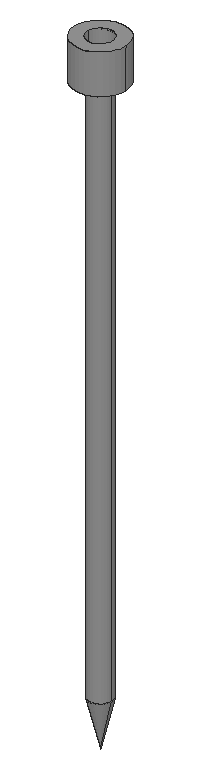
Revit family "ROTHOB_Rothoblaas_Screw_VGZEvo", category Collegamenti strutturali, host Superficie, Revit 2020
Family settings
  Host = Superficie
  Materiale per comportamento modello = Acciaio
  Numero OmniClass = 23.13.23.11.19.13
  Titolo OmniClass = Wood Connectors
  Attiva taglio nelle viste = Sì
  Taglio con vuoti quando caricato = No
  Condiviso = No
Parameters (values of type "05.3x100mm")
  WarrantyGuarantorParts = "n/a"  # constant formula
  WarrantyGuarantorLabor = "n/a"  # constant formula
  WarrantyDurationUnit = "n/a"  # constant formula
  WarrantyDurationParts = "n/a"  # constant formula
  WarrantyDurationLabor = "n/a"  # constant formula
  WarrantyDescription = "n/a"  # constant formula
  Version = "1"  # constant formula
  UniClass2015Version = "Products v1.30"  # constant formula
  UniClass2015Title = "Self-tapping screws"  # constant formula
  UniClass2015Code = "Pr_20_29_76_75"  # constant formula
  UnderheadDiameter = 0.9 * (HeadDiameter_dk)  # 7.20 mm
  UKCATitle = "n/a"  # constant formula
  UKCACode = "UKTA-0836 22/6195"  # constant formula
  Tipo IFC predefinito = "USERDEFINED"  # constant formula
  TipLength = 0.05 * (InsertionLength_L)  # 5.00 mm
  ThreadRadius = (ThreadDiameter_d2) / 2  # 1.80 mm
  ThreadLength_b = if(ModelNumberCode = 580, 70.00 mm, if(ModelNumberCode = 5100, 90.00 mm, if(ModelNumberCode = 5120, 110.00 mm, if(ModelNumberCode = 5140, 130.00 mm, if(ModelNumberCode = 5150, 140.00 mm, if(ModelNumberCode = 5160, 150.00 mm, if(ModelNumberCode = 780, 70.00 mm, if(ModelNumberCode = 7100, 90.00 mm, if(ModelNumberCode = 7120, 110.00 mm, if(ModelNumberCode = 7140, 130.00 mm, if(ModelNumberCode = 7160, 150.00 mm, if(ModelNumberCode = 7180, 170.00 mm, if(ModelNumberCode = 7200, 190.00 mm, if(ModelNumberCode = 7220, 210.00 mm, if(ModelNumberCode = 7240, 230.00 mm, if(ModelNumberCode = 7260, 250.00 mm, if(ModelNumberCode = 7280, 270.00 mm, if(ModelNumberCode = 7300, 290.00 mm, if(ModelNumberCode = 7340, 330.00 mm, if(ModelNumberCode = 7380, 370.00 mm, if(ModelNumberCode = 9160, 150.00 mm, if(ModelNumberCode = 9180, 170.00 mm, if(ModelNumberCode = 9200, 190.00 mm, if(ModelNumberCode = 9220, 210.00 mm, if(ModelNumberCode = 9240, 230.00 mm, if(ModelNumberCode = 9260, 250.00 mm, if(ModelNumberCode = 9280, 270.00 mm, if(ModelNumberCode = 9300, 290.00 mm, if(ModelNumberCode = 9320, 310.00 mm, if(ModelNumberCode = 9340, 330.00 mm, if(ModelNumberCode = 9360, 350.00 mm, if(ModelNumberCode = 9380, 370.00 mm, if(ModelNumberCode = 9400, 390.00 mm, if(ModelNumberCode = 9440, 430.00 mm, if(ModelNumberCode = 9480, 470.00 mm, if(ModelNumberCode = 9520, 510.00 mm, if(ModelNumberCode = 11250, 240.00 mm, if(ModelNumberCode = 11300, 290.00 mm, if(ModelNumberCode = 11350, 340.00 mm, if(ModelNumberCode = 11400, 390.00 mm, if(ModelNumberCode = 11450, 440.00 mm, if(ModelNumberCode = 11500, 490.00 mm, if(ModelNumberCode = 11550, 540.00 mm, if(ModelNumberCode = 11600, 590.00 mm, 0.00 mm))))))))))))))))))))))))))))))))))))))))))))  # 90.00 mm
  ThreadDiameter_d2 = if(NominalDiameter_d1 = 5.30 mm, 3.60 mm, if(NominalDiameter_d1 = 5.60 mm, 3.80 mm, if(NominalDiameter_d1 = 7.00 mm, 4.60 mm, if(NominalDiameter_d1 = 9.00 mm, 5.90 mm, if(NominalDiameter_d1 = 11.00 mm, 6.60 mm, 0.00 mm)))))  # 3.60 mm
  SustainabilityPerformance = "n/a"  # constant formula
  Size = "5.3x100 mm"
  Shape = "Cylindrical"  # constant formula
  ObjectMaterial = ROTHOB_Rothoblaas_CarbonSteel_C4EvoCoating
  HeadThickness = 7.20 mm  # constant formula
  Revision = "n/a"  # constant formula
  ReplacementCost = "n/a"  # constant formula
  Prospetto di default = 1219.20 mm
  ProductInformation = "https://www.rothoblaas.com/products/fastening/screws/screws-structures/vgz-evo"  # constant formula
  OmniClassVersion = "2012-05-16"  # constant formula
  OmniClassTitle = "Wood Connectors"  # constant formula
  OmniClassCode = "23-13 23 11 19 13"  # constant formula
  NominalWidth = "n/a"  # constant formula
  NominalLength = InsertionLength_L  # 100.00 mm
  NominalHeight = "n/a"  # constant formula
  NominalDiameter = NominalDiameter_d1  # 5.30 mm
  NominalDiameter_d1 = if(ModelNumberCode = 580, 5.30 mm, if(ModelNumberCode = 5100, 5.30 mm, if(ModelNumberCode = 5120, 5.30 mm, if(ModelNumberCode = 5140, 5.60 mm, if(ModelNumberCode = 5150, 5.60 mm, if(ModelNumberCode = 5160, 5.60 mm, if(ModelNumberCode = 780, 7.00 mm, if(ModelNumberCode = 7100, 7.00 mm, if(ModelNumberCode = 7120, 7.00 mm, if(ModelNumberCode = 7140, 7.00 mm, if(ModelNumberCode = 7160, 7.00 mm, if(ModelNumberCode = 7180, 7.00 mm, if(ModelNumberCode = 7200, 7.00 mm, if(ModelNumberCode = 7220, 7.00 mm, if(ModelNumberCode = 7240, 7.00 mm, if(ModelNumberCode = 7260, 7.00 mm, if(ModelNumberCode = 7280, 7.00 mm, if(ModelNumberCode = 7300, 7.00 mm, if(ModelNumberCode = 7340, 7.00 mm, if(ModelNumberCode = 7380, 7.00 mm, if(ModelNumberCode = 9160, 9.00 mm, if(ModelNumberCode = 9180, 9.00 mm, if(ModelNumberCode = 9200, 9.00 mm, if(ModelNumberCode = 9220, 9.00 mm, if(ModelNumberCode = 9240, 9.00 mm, if(ModelNumberCode = 9260, 9.00 mm, if(ModelNumberCode = 9280, 9.00 mm, if(ModelNumberCode = 9300, 9.00 mm, if(ModelNumberCode = 9320, 9.00 mm, if(ModelNumberCode = 9340, 9.00 mm, if(ModelNumberCode = 9360, 9.00 mm, if(ModelNumberCode = 9380, 9.00 mm, if(ModelNumberCode = 9400, 9.00 mm, if(ModelNumberCode = 9440, 9.00 mm, if(ModelNumberCode = 9480, 9.00 mm, if(ModelNumberCode = 9520, 9.00 mm, if(ModelNumberCode = 11250, 11.00 mm, if(ModelNumberCode = 11300, 11.00 mm, if(ModelNumberCode = 11350, 11.00 mm, if(ModelNumberCode = 11400, 11.00 mm, if(ModelNumberCode = 11450, 11.00 mm, if(ModelNumberCode = 11500, 11.00 mm, if(ModelNumberCode = 11550, 11.00 mm, if(ModelNumberCode = 11600, 11.00 mm, 0.00 mm))))))))))))))))))))))))))))))))))))))))))))  # 5.30 mm
  Name = "Screw"  # constant formula
  ModelReference = "n/a"  # constant formula
  ModelNumberCode = 5100
  ModelNumber = "VGZEVO5100"
  ModelDisclaimer = "The latest version of the data sheets can be found on our website"  # constant formula
  MinWeight = "0.008 kg"
  Material = "Carbon steel"  # constant formula
  ManufacturerURL = "www.rothoblaas.com"  # constant formula
  ManufacturerName = "ROTHO BLAAS SRL"  # constant formula
  Manufacturer = "info@rothoblaas.com"  # constant formula
  InsertionLength_L = if(ModelNumberCode = 580, 80.00 mm, if(ModelNumberCode = 5100, 100.00 mm, if(ModelNumberCode = 5120, 120.00 mm, if(ModelNumberCode = 5140, 140.00 mm, if(ModelNumberCode = 5150, 150.00 mm, if(ModelNumberCode = 5160, 160.00 mm, if(ModelNumberCode = 780, 80.00 mm, if(ModelNumberCode = 7100, 100.00 mm, if(ModelNumberCode = 7120, 120.00 mm, if(ModelNumberCode = 7140, 140.00 mm, if(ModelNumberCode = 7160, 160.00 mm, if(ModelNumberCode = 7180, 180.00 mm, if(ModelNumberCode = 7200, 200.00 mm, if(ModelNumberCode = 7220, 220.00 mm, if(ModelNumberCode = 7240, 240.00 mm, if(ModelNumberCode = 7260, 260.00 mm, if(ModelNumberCode = 7280, 280.00 mm, if(ModelNumberCode = 7300, 300.00 mm, if(ModelNumberCode = 7340, 340.00 mm, if(ModelNumberCode = 7380, 380.00 mm, if(ModelNumberCode = 9160, 160.00 mm, if(ModelNumberCode = 9180, 180.00 mm, if(ModelNumberCode = 9200, 200.00 mm, if(ModelNumberCode = 9220, 220.00 mm, if(ModelNumberCode = 9240, 240.00 mm, if(ModelNumberCode = 9260, 260.00 mm, if(ModelNumberCode = 9280, 280.00 mm, if(ModelNumberCode = 9300, 300.00 mm, if(ModelNumberCode = 9320, 320.00 mm, if(ModelNumberCode = 9340, 340.00 mm, if(ModelNumberCode = 9360, 360.00 mm, if(ModelNumberCode = 9380, 380.00 mm, if(ModelNumberCode = 9400, 400.00 mm, if(ModelNumberCode = 9440, 440.00 mm, if(ModelNumberCode = 9480, 480.00 mm, if(ModelNumberCode = 9520, 520.00 mm, if(ModelNumberCode = 11250, 250.00 mm, if(ModelNumberCode = 11300, 300.00 mm, if(ModelNumberCode = 11350, 350.00 mm, if(ModelNumberCode = 11400, 400.00 mm, if(ModelNumberCode = 11450, 450.00 mm, if(ModelNumberCode = 11500, 500.00 mm, if(ModelNumberCode = 11550, 550.00 mm, if(ModelNumberCode = 11600, 600.00 mm, 0.00 mm))))))))))))))))))))))))))))))))))))))))))))  # 100.00 mm
  IfcExportType = "USERDEFINED"  # constant formula
  IfcExportAs = "IfcMechanicalFastenerType"  # constant formula
  ICC-ESTitle = "n/a"  # constant formula
  ICC-ESCode = "AC233 | AC257 ESR-4645"  # constant formula
  InnerHeadDiameter = 0.5 * (HeadDiameter_dk)  # 4.00 mm
  HeadDiameter_dk = if(NominalDiameter_d1 = 5.30 mm, 8.00 mm, if(NominalDiameter_d1 = 5.60 mm, 8.00 mm, if(NominalDiameter_d1 = 7.00 mm, 9.50 mm, if(NominalDiameter_d1 = 9.00 mm, 11.50 mm, if(NominalDiameter_d1 = 11.00 mm, 13.50 mm, 0.00 mm)))))  # 8.00 mm
  Grade = "n/a"  # constant formula
  Finish = "C4 EVO coating"  # constant formula
  Features = "Self-tapping screws for timber constructions"  # constant formula
  ExpectedLife = "50"  # constant formula
  Esporta tipo in formato IFC con nome = "IfcMechanicalFastenerType"  # constant formula
  DurationUnit = "Years"  # constant formula
  Description = "Fully threaded screw with cylindrical head"  # constant formula
  Constituents = "n/a"  # constant formula
  Color = "Silver"  # constant formula
  CodePerformance = "CE - Construction products"  # constant formula
  Category = "Pr_20_29_76_75: Self-tapping screws"  # constant formula
  CETitle = "n/a"  # constant formula
  CECode = "ETA-11/0030"  # constant formula
  BitType = if(NominalDiameter_d1 = 5.30 mm, 25, if(NominalDiameter_d1 = 5.60 mm, 25, if(NominalDiameter_d1 = 7.00 mm, 30, if(NominalDiameter_d1 = 9.00 mm, 40, if(NominalDiameter_d1 = 11.00 mm, 50, 0)))))  # 25
  Author = "ROTHO BLAAS SRL"  # constant formula
  AssetType = "n/a"  # constant formula
  AccessibilityPerformance = "n/a"  # constant formula
Types (45, lengths in mm): name | UnderheadDiameter | TipLength | ThreadRadius | ThreadLength_b | ThreadDiameter_d2 | Size | NominalLength | NominalDiameter | NominalDiameter_d1 | ModelNumberCode | ModelNumber | MinWeight | InsertionLength_L | InnerHeadDiameter | HeadDiameter_dk | BitType
  (no name) | 7.20 | 5.00 | 1.80 | 90.00 | 3.60 | "5.3x100 mm" | 100.00 | 5.30 | 5.30 | 5100 | "VGZEVO5100" | "0.008 kg" | 100.00 | 4.00 | 8.00 | 25
  05.3x080mm | 7.20 | 4.00 | 1.80 | 70.00 | 3.60 | "5.3x80 mm" | 80.00 | 5.30 | 5.30 | 580 | "VGZEVO580" | "0.01 kg" | 80.00 | 4.00 | 8.00 | 25
  05.3x100mm | 7.20 | 5.00 | 1.80 | 90.00 | 3.60 | "5.3x100 mm" | 100.00 | 5.30 | 5.30 | 5100 | "VGZEVO5100" | "0.008 kg" | 100.00 | 4.00 | 8.00 | 25
  05.3x120mm | 7.20 | 6.00 | 1.80 | 110.00 | 3.60 | "5.3x120 mm" | 120.00 | 5.30 | 5.30 | 5120 | "VGZEVO5120" | "0.010 kg" | 120.00 | 4.00 | 8.00 | 25
  05.6x140mm | 7.20 | 7.00 | 1.90 | 130.00 | 3.80 | "5.6x140 mm" | 140.00 | 5.60 | 5.60 | 5140 | "VGZEVO5140" | "0.016 kg" | 140.00 | 4.00 | 8.00 | 25
  05.6x150mm | 7.20 | 7.50 | 1.90 | 140.00 | 3.80 | "5.6x150 mm" | 150.00 | 5.60 | 5.60 | 5150 | "VGZEVO5150" | "0.018 kg" | 150.00 | 4.00 | 8.00 | 25
  05.6x160mm | 7.20 | 8.00 | 1.90 | 150.00 | 3.80 | "5.6x160 mm" | 160.00 | 5.60 | 5.60 | 5160 | "VGZEVO5160" | "0.018 kg" | 160.00 | 4.00 | 8.00 | 25
  07x080mm | 8.55 | 4.00 | 2.30 | 70.00 | 4.60 | "7x80 mm" | 80.00 | 7.00 | 7.00 | 780 | "VGZEVO780" | "0.015 kg" | 80.00 | 4.75 | 9.50 | 30
  07x100mm | 8.55 | 5.00 | 2.30 | 90.00 | 4.60 | "7x100 mm" | 100.00 | 7.00 | 7.00 | 7100 | "VGZEVO7100" | "0.019 kg" | 100.00 | 4.75 | 9.50 | 30
  07x120mm | 8.55 | 6.00 | 2.30 | 110.00 | 4.60 | "7x120 mm" | 120.00 | 7.00 | 7.00 | 7120 | "VGZEVO7120" | "0.016 kg" | 120.00 | 4.75 | 9.50 | 30
  07x140mm | 8.55 | 7.00 | 2.30 | 130.00 | 4.60 | "7x140 mm" | 140.00 | 7.00 | 7.00 | 7140 | "VGZEVO7140" | "0.022 kg" | 140.00 | 4.75 | 9.50 | 30
  07x160mm | 8.55 | 8.00 | 2.30 | 150.00 | 4.60 | "7x160 mm" | 160.00 | 7.00 | 7.00 | 7160 | "VGZEVO7160" | "0.023 kg" | 160.00 | 4.75 | 9.50 | 30
  07x180mm | 8.55 | 9.00 | 2.30 | 170.00 | 4.60 | "7x180 mm" | 180.00 | 7.00 | 7.00 | 7180 | "VGZEVO7180" | "0.028 kg" | 180.00 | 4.75 | 9.50 | 30
  07x200mm | 8.55 | 10.00 | 2.30 | 190.00 | 4.60 | "7x200 mm" | 200.00 | 7.00 | 7.00 | 7200 | "VGZEVO7200" | "0.031 kg" | 200.00 | 4.75 | 9.50 | 30
  07x220mm | 8.55 | 11.00 | 2.30 | 210.00 | 4.60 | "7x220 mm" | 220.00 | 7.00 | 7.00 | 7220 | "VGZEVO7220" | "0.035 kg" | 220.00 | 4.75 | 9.50 | 30
  07x240mm | 8.55 | 12.00 | 2.30 | 230.00 | 4.60 | "7x240 mm" | 240.00 | 7.00 | 7.00 | 7240 | "VGZEVO7240" | "0.036 kg" | 240.00 | 4.75 | 9.50 | 30
  07x260mm | 8.55 | 13.00 | 2.30 | 250.00 | 4.60 | "7x260 mm" | 260.00 | 7.00 | 7.00 | 7260 | "VGZEVO7260" | "0.035 kg" | 260.00 | 4.75 | 9.50 | 30
  07x280mm | 8.55 | 14.00 | 2.30 | 270.00 | 4.60 | "7x280 mm" | 280.00 | 7.00 | 7.00 | 7280 | "VGZEVO7280" | "0.041 kg" | 280.00 | 4.75 | 9.50 | 30
  07x300mm | 8.55 | 15.00 | 2.30 | 290.00 | 4.60 | "7x300 mm" | 300.00 | 7.00 | 7.00 | 7300 | "VGZEVO7300" | "0.046 kg" | 300.00 | 4.75 | 9.50 | 30
  07x340mm | 8.55 | 17.00 | 2.30 | 330.00 | 4.60 | "7x340 mm" | 340.00 | 7.00 | 7.00 | 7340 | "VGZEVO7340" | "0.098 kg" | 340.00 | 4.75 | 9.50 | 30
  07x380mm | 8.55 | 19.00 | 2.30 | 370.00 | 4.60 | "7x380 mm" | 380.00 | 7.00 | 7.00 | 7380 | "VGZEVO7380" | "0.046 kg" | 380.00 | 4.75 | 9.50 | 30
  09x160mm | 10.35 | 8.00 | 2.95 | 150.00 | 5.90 | "9x160 mm" | 160.00 | 9.00 | 9.00 | 9160 | "VGZEVO9160" | "0.045 kg" | 160.00 | 5.75 | 11.50 | 40
  09x180mm | 10.35 | 9.00 | 2.95 | 170.00 | 5.90 | "9x180 mm" | 180.00 | 9.00 | 9.00 | 9180 | "VGZEVO9180" | "0.05 kg" | 180.00 | 5.75 | 11.50 | 40
  09x200mm | 10.35 | 10.00 | 2.95 | 190.00 | 5.90 | "9x200 mm" | 200.00 | 9.00 | 9.00 | 9200 | "VGZEVO9200" | "0.051 kg" | 200.00 | 5.75 | 11.50 | 40
  09x220mm | 10.35 | 11.00 | 2.95 | 210.00 | 5.90 | "9x220 mm" | 220.00 | 9.00 | 9.00 | 9220 | "VGZEVO9220" | "0.060 kg" | 220.00 | 5.75 | 11.50 | 40
  09x240mm | 10.35 | 12.00 | 2.95 | 230.00 | 5.90 | "9x240 mm" | 240.00 | 9.00 | 9.00 | 9240 | "VGZEVO9240" | "0.061 kg" | 240.00 | 5.75 | 11.50 | 40
  09x260mm | 10.35 | 13.00 | 2.95 | 250.00 | 5.90 | "9x260 mm" | 260.00 | 9.00 | 9.00 | 9260 | "VGZEVO9260" | "0.069 kg" | 260.00 | 5.75 | 11.50 | 40
  09x280mm | 10.35 | 14.00 | 2.95 | 270.00 | 5.90 | "9x280 mm" | 280.00 | 9.00 | 9.00 | 9280 | "VGZEVO9280" | "0.072 kg" | 280.00 | 5.75 | 11.50 | 40
  09x300mm | 10.35 | 15.00 | 2.95 | 290.00 | 5.90 | "9x300 mm" | 300.00 | 9.00 | 9.00 | 9300 | "VGZEVO9300" | "0.073 kg" | 300.00 | 5.75 | 11.50 | 40
  09x320mm | 10.35 | 16.00 | 2.95 | 310.00 | 5.90 | "9x320 mm" | 320.00 | 9.00 | 9.00 | 9320 | "VGZEVO9320" | "0.082 kg" | 320.00 | 5.75 | 11.50 | 40
  09x340mm | 10.35 | 17.00 | 2.95 | 330.00 | 5.90 | "9x340 mm" | 340.00 | 9.00 | 9.00 | 9340 | "VGZEVO9340" | "0.098 kg" | 340.00 | 5.75 | 11.50 | 40
  09x360mm | 10.35 | 18.00 | 2.95 | 350.00 | 5.90 | "9x360 mm" | 360.00 | 9.00 | 9.00 | 9360 | "VGZEVO9360" | "0.090 kg" | 360.00 | 5.75 | 11.50 | 40
  09x380mm | 10.35 | 19.00 | 2.95 | 370.00 | 5.90 | "9x380 mm" | 380.00 | 9.00 | 9.00 | 9380 | "VGZEVO9380" | "0.095 kg" | 380.00 | 5.75 | 11.50 | 40
  09x400mm | 10.35 | 20.00 | 2.95 | 390.00 | 5.90 | "9x400 mm" | 400.00 | 9.00 | 9.00 | 9400 | "VGZEVO9400" | "0.107 kg" | 400.00 | 5.75 | 11.50 | 40
  09x440mm | 10.35 | 22.00 | 2.95 | 430.00 | 5.90 | "9x440 mm" | 440.00 | 9.00 | 9.00 | 9440 | "VGZEVO9440" | "0.119 kg" | 440.00 | 5.75 | 11.50 | 40
  09x480mm | 10.35 | 24.00 | 2.95 | 470.00 | 5.90 | "9x480 mm" | 480.00 | 9.00 | 9.00 | 9480 | "VGZEVO9480" | "0.128 kg" | 480.00 | 5.75 | 11.50 | 40
  09x520mm | 10.35 | 26.00 | 2.95 | 510.00 | 5.90 | "9x520 mm" | 520.00 | 9.00 | 9.00 | 9520 | "VGZEVO9520" | "0.142 kg" | 520.00 | 5.75 | 11.50 | 40
  11x250mm | 12.15 | 12.50 | 3.30 | 240.00 | 6.60 | "11x250 mm" | 250.00 | 11.00 | 11.00 | 11250 | "VGZEVO11250" | "0.089 kg" | 250.00 | 6.75 | 13.50 | 50
  11x300mm | 12.15 | 15.00 | 3.30 | 290.00 | 6.60 | "11x300 mm" | 300.00 | 11.00 | 11.00 | 11300 | "VGZEVO11300" | "0.107 kg" | 300.00 | 6.75 | 13.50 | 50
  11x350mm | 12.15 | 17.50 | 3.30 | 340.00 | 6.60 | "11x350 mm" | 350.00 | 11.00 | 11.00 | 11350 | "VGZEVO11350" | "0.124 kg" | 350.00 | 6.75 | 13.50 | 50
  11x400mm | 12.15 | 20.00 | 3.30 | 390.00 | 6.60 | "11x400 mm" | 400.00 | 11.00 | 11.00 | 11400 | "VGZEVO11400" | "0.142 kg" | 400.00 | 6.75 | 13.50 | 50
  11x450mm | 12.15 | 22.50 | 3.30 | 440.00 | 6.60 | "11x450 mm" | 450.00 | 11.00 | 11.00 | 11450 | "VGZEVO11450" | "0.098 kg" | 450.00 | 6.75 | 13.50 | 50
  11x500mm | 12.15 | 25.00 | 3.30 | 490.00 | 6.60 | "11x500 mm" | 500.00 | 11.00 | 11.00 | 11500 | "VGZEVO11500" | "0.179 kg" | 500.00 | 6.75 | 13.50 | 50
  11x550mm | 12.15 | 27.50 | 3.30 | 540.00 | 6.60 | "11x550 mm" | 550.00 | 11.00 | 11.00 | 11550 | "VGZEVO11550" | "0.196 kg" | 550.00 | 6.75 | 13.50 | 50
  11x600mm | 12.15 | 30.00 | 3.30 | 590.00 | 6.60 | "11x600 mm" | 600.00 | 11.00 | 11.00 | 11600 | "VGZEVO11600" | "0.212 kg" | 600.00 | 6.75 | 13.50 | 50
Reference planes
  plane 1 "Centro (Fronte/Retro)": y = 0
  plane 2: z = 0
  plane 3 "Centro (Sinistra/Destra)": x = 0
  plane 4: z = -6.2
  plane 5: z = -7.2
  plane 6: z = -100
  plane 7: z = -10
Forms (mm)
  Extrusion 1, solid, material "ROTHOB_Rothoblaas_CarbonSteel_C4EvoCoating" <- "ObjectMaterial", detail levels fine
    sketch origin (0, 0, 0) x (1, 0, 0) y (0, 1, 0)
      loop
        circle (0, 0) r 4
      loop
        circle (0, 0) r 2
    from -6.2 to 0
  Extrusion 2, solid, material "ROTHOB_Rothoblaas_CarbonSteel_C4EvoCoating" <- "ObjectMaterial", detail levels fine
    sketch origin (0, 0, 0) x (1, 0, 0) y (0, 1, 0)
      loop
        circle (0, 0) r 1.8
    from -92.793 to -7.2
  SweptBlend 3, solid, material "ROTHOB_Rothoblaas_CarbonSteel_C4EvoCoating" <- "ObjectMaterial", detail levels fine
    path origin (0, 0, 0) x (1, 0, 0) y (0, 0, 1)
      loop
        line (0, -6.2) -> (0, -7.2)
    profile origin (0, 0, -6.2) x (0, -1, 0) y (1, 0, 0)
      loop
        circle (0, 0) r 3.6
    end profile origin (0, 0, -7.2) x (0, -1, 0) y (1, 0, 0)
      loop
        circle (0, 0) r 1.8
  Revolve 4, void
    sketch origin (0, 0, 0) x (1, 0, 0) y (0, 0, 1)
      loop
        line (0, -103.077) -> (4, -92.793) -> (4, 0) -> (0, 0) -> (0, -103.077)
      axis (0, 0) -> (0, -103.077)
    angle from 0 to 360
  Revolve 5, solid, material "ROTHOB_Rothoblaas_CarbonSteel_C4EvoCoating" <- "ObjectMaterial", detail levels fine
    sketch origin (0, 0, 0) x (1, 0, 0) y (0, 0, 1)
      loop
        line (0, -100.031) -> (0, -92.793) -> (-1.8, -92.793) -> (0, -100.031)
      axis (0, -92.793) -> (0, -100.031)
    angle from 0 to 360
Lines and regions (mm)
  model lines, detail levels coarse+medium
    curve 1: line (0, 0, 0) -> (0, 0, -100)
    curve 2: arc (-4, 0, 0) -> (0, -4, 0) -> (4, 0, 0) r 4
    curve 3: arc (4, 0, 0) -> (0, 4, 0) -> (-4, 0, 0) r 4
  model lines, detail levels medium
    curve 4: arc (-2, 0, 0) -> (0, 2, 0) -> (2, 0, 0) r 2
    curve 5: arc (2, 0, 0) -> (0, -2, 0) -> (-2, 0, 0) r 2
    curve 6: arc (-4, 0, -6.2) -> (0, 4, -6.2) -> (4, 0, -6.2) r 4
    curve 7: arc (4, 0, -6.2) -> (0, -4, -6.2) -> (-4, 0, -6.2) r 4
    curve 8: arc (-1.8, 0, -92.793) -> (0, 1.8, -92.793) -> (1.8, 0, -92.793) r 1.8
    curve 9: arc (1.8, 0, -92.793) -> (0, -1.8, -92.793) -> (-1.8, 0, -92.793) r 1.8
Dimensions and locks
  equal spacing: host sketch curve, plane 3 "Centro (Sinistra/Destra)", host sketch curve
  host sketch curve to host sketch curve = 50.00 mm  (x2)
  equal spacing: host sketch curve, plane 1 "Centro (Fronte/Retro)", host sketch curve
  locked: plane 4 to plane 5 at 1
  "HeadThickness": plane 2 to plane 5
  "InsertionLength_L": plane 2 to plane 6
  "ThreadLength_b": plane 7 to plane 6
  "InnerHeadDiameter": Revolve 4 sketch curve to plane 3 "Centro (Sinistra/Destra)"
  "ThreadRadius": Revolve 5 sketch curve to Revolve 5 sketch curve
  "HeadDiameter_dk": diameter of Extrusion 1 sketch curve
  "InnerHeadDiameter": diameter of Extrusion 1 sketch curve
  "ThreadDiameter_d2": diameter of Extrusion 2 sketch curve
  "UnderheadDiameter": diameter of SweptBlend 3 sketch curve
  "ThreadDiameter_d2": diameter of SweptBlend 3 sketch curve
  angle Revolve 5 sketch curve to Revolve 5 sketch curve = 13.9644°
  aligned and locked: plane 2 to host face
  aligned and locked: level to host face
  aligned and locked: Extrusion 1 to plane 4
  aligned and locked: plane 2 to Extrusion 1
  aligned and locked: plane 5 to Extrusion 2
  aligned and locked: plane 4 to SweptBlend 3 sketch curve
  aligned and locked: plane 5 to SweptBlend 3 sketch curve
  aligned and locked: SweptBlend 3 sketch curve to plane 3 "Centro (Sinistra/Destra)"
  aligned and locked: plane 2 to Revolve 4 sketch curve
  aligned and locked: plane 3 "Centro (Sinistra/Destra)" to Revolve 4 sketch curve
  aligned and locked: Revolve 4 sketch curve to plane 3 "Centro (Sinistra/Destra)"
  aligned and locked: plane 3 "Centro (Sinistra/Destra)" to Revolve 5 sketch curve
  aligned and locked: Revolve 5 sketch curve to plane 3 "Centro (Sinistra/Destra)"
  aligned and locked: Extrusion 2 to Revolve 5
  aligned and locked: Revolve 5 to Revolve 4 sketch curve
  aligned and locked: plane 6 to curve 1
  aligned and locked: plane 2 to curve 1
  aligned and locked: curve 1 to plane 3 "Centro (Sinistra/Destra)"
Automatic sketch dimensions
  Extrusion 1 sketch curve to Extrusion 1 sketch curve = 0.00 mm  (x2)
  plane 1 "Centro (Fronte/Retro)" to Extrusion 1 sketch curve = 0.00 mm
  Extrusion 1 sketch curve to plane 3 "Centro (Sinistra/Destra)" = 0.00 mm
  plane 1 "Centro (Fronte/Retro)" to Extrusion 2 sketch curve = 0.00 mm
  Extrusion 2 sketch curve to plane 3 "Centro (Sinistra/Destra)" = 0.00 mm
  plane 1 "Centro (Fronte/Retro)" to SweptBlend 3 sketch curve = 0.00 mm  (x2)
  SweptBlend 3 sketch curve to profile plane = 0.00 mm  (x2)
  Revolve 5 sketch curve to plane 6 = 0.031 mm
  Revolve 5 sketch curve to plane 6 = 3.45 mm
  Revolve 5 sketch curve to Revolve 5 sketch curve = 2.574 mm
  Revolve 4 sketch curve to plane 6 = 3.077 mm
  Revolve 4 sketch curve to Revolve 4 sketch curve = 5.375 mm
  Revolve 4 sketch curve to Revolve 4 sketch curve = 13.434 mm
  curve 2 to curve 3 = 0.00 mm  (x2)
  plane 1 "Centro (Fronte/Retro)" to curve 2 = 0.00 mm
  curve 3 to plane 3 "Centro (Sinistra/Destra)" = 0.00 mm
  curve 3 to curve 2 = 4.00 mm
  radius of curve 4 to Extrusion 1 = 0.00 mm
  radius of curve 6 to Extrusion 1 = 0.00 mm
  radius of curve 8 to Extrusion 2 = 0.00 mm
